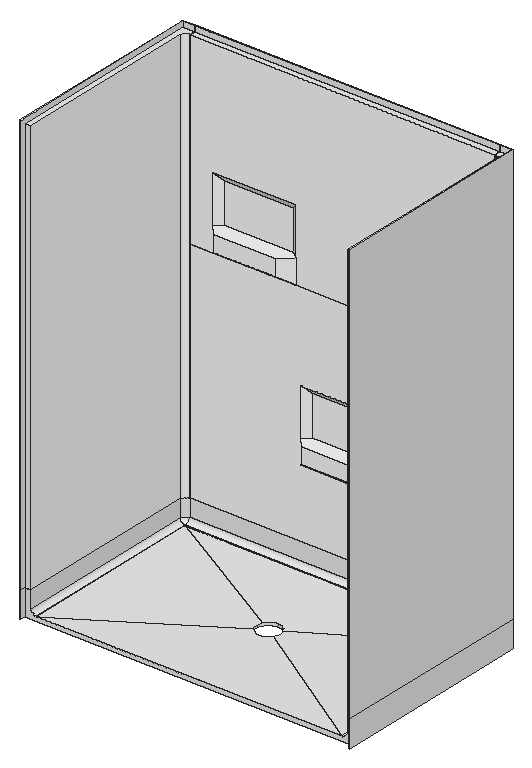
Revit family "5LES6036B75B,B2B", category Plumbing Fixtures, Revit 2014
Parameters (values of type "5LES6036B75B")
  Unit Width = 60"
  Unit Height = 81 1/4"
  URL = "http://www.best-bath.com/"
  Type Comments = "Barrier Free"
  Threshold Height = 3/4"
  Model = "5LES6036B75B"
  Material [instance] = Best Bath Gelcoat Fiberglass - 8in Tile
  Manufacturer = "Best Bath Systems, Inc."
  Keynote = "22 40 00.B3"
  Description = "8\" Tile, Beveled Threshold"
  Assembly Code = "D2010710"
Types (3): name | Unit Height | Threshold Height | Model
  (no name) | 81 1/4" | 3/4" | "5LES6036B75B"
  5LES6036B75B | 81 1/4" | 3/4" | "5LES6036B75B"
  5LES6036B2B | 82 1/2" | 2" | "5LES6036B2B"
Reference planes (in)
  plane 1: z = 0
  plane 2 "Left": x = 0
  plane 3: z = 80.25
  plane 4: z = 81.25
  plane 5: y = 0.36165
  plane 6: y = 36.36165
  plane 7: x = 60
  plane 8: y = 35.11165
  plane 9: y = 18.36165
  plane 10: x = 30
  plane 11: z = 0.375
  plane 12: z = 0.75
  plane 13: z = 46.25
  plane 14: z = 4.75
  plane 15: y = -0.63835
  plane 16: z = 21.75
  plane 17: z = 50.75
Forms (in)
  Extrusion 1, solid, material "Best Bath Gelcoat Fiberglass - Smooth"
    sketch origin (0, 0, 0) x (1, 0, 0) y (0, 1, 0)
      loop
        line (0, 0.36165) -> (60, 0.36165) -> (60, 36.36165) -> (0, 36.36165) -> (0, 0.36165)
      loop
        circle (30, 18.36165) r 2.125
    from 0 to 0.75
  Extrusion 2, solid, material "Best Bath Gelcoat Fiberglass - Smooth"
    sketch origin (0, 0, 0) x (1, 0, 0) y (0, 1, 0)
      loop
        line (2.25, 36.36165) -> (2.25, 35.11165) -> (57.75, 35.11165) -> (57.75, 36.36165) -> (2.25, 36.36165)
    from 4.75 to 46.25
  Blend 3, void
    base sketch origin (0, 0, 0) x (1, 0, 0) y (0, 1, 0)
      loop
        line (2.25, 0.36165) -> (57.75, 0.36165) -> (57.75, 34.11165) -> (2.25, 34.11165) -> (2.25, 0.36165)
    top sketch origin (0, 0, 0) x (1, 0, 0) y (0, 1, 0)
      loop
        circle (30, 18.36165) r 0.07952
    from 0.75 to 0.375
  Extrusion 4, solid, material "Best Bath Gelcoat Fiberglass - Smooth"
    sketch origin (0, 0, 0) x (1, 0, 0) y (0, 1, 0)
      loop
        line (2.25, 36.36165) -> (2.25, 35.11165) -> (57.75, 35.11165) -> (57.75, 36.36165) -> (2.25, 36.36165)
    from 46.25 to 80.25
  Extrusion 5, solid, material "Best Bath Gelcoat Fiberglass - Smooth"
    sketch origin (0.25, 0, 0) x (1, 0, 0) y (0, 1, 0)
      loop
        line (-0.25, 0.36165) -> (1, 0.36165) -> (1, 34.11165)
        arc (1, 34.11165) -> (1.29289, 34.81875) -> (2, 35.11165) r 1
        line (2, 35.11165) -> (2, 36.36165) -> (-0.25, 36.36165) -> (-0.25, 0.36165)
      loop
        line (59.75, 0.36165) -> (59.75, 36.36165) -> (57.5, 36.36165) -> (57.5, 35.11165)
        arc (57.5, 35.11165) -> (58.20711, 34.81875) -> (58.5, 34.11165) r 1
        line (58.5, 34.11165) -> (58.5, 0.36165) -> (59.75, 0.36165)
    from 4.75 to 80.25
  Extrusion 6, solid, material "Best Bath Gelcoat Fiberglass - Smooth"
    sketch origin (0, 0, 0) x (1, 0, 0) y (0, 1, 0)
      loop
        line (0, 36.36165) -> (0, 35.11165) -> (0, 0.36165) -> (1.25, 0.36165) -> (1.25, 34.11165)
        arc (1.25, 34.11165) -> (1.54289, 34.81875) -> (2.25, 35.11165) r 1
        line (2.25, 35.11165) -> (57.75, 35.11165)
        arc (57.75, 35.11165) -> (58.45711, 34.81875) -> (58.75, 34.11165) r 1
        line (58.75, 34.11165) -> (58.75, 0.36165) -> (60, 0.36165) -> (60, 35.11165) -> (60, 36.36165) -> (0, 36.36165)
    from 0 to 4.75
  Sweep 7, solid, material "Best Bath Gelcoat Fiberglass - Smooth"
    path origin (0, 0, 0) x (1, 0, 0) y (0, 1, 0)
      loop
        line (1.25, 0.36165) -> (1.25, 34.11165)
        arc (1.25, 34.11165) -> (1.54289, 34.81875) -> (2.25, 35.11165) r 1
        line (2.25, 35.11165) -> (57.75, 35.11165)
        arc (57.75, 35.11165) -> (58.45711, 34.81875) -> (58.75, 34.11165) r 1
        line (58.75, 34.11165) -> (58.75, 0.36165)
    profile origin (1.25, 17.23665, 0) x (-1, 0, 0) y (0, 0, 1)
      loop
        line (0, 0.75) -> (0, 1.65)
        arc (0, 1.65) -> (-0.2636, 1.0136) -> (-0.9, 0.75) r 0.9
        line (-0.9, 0.75) -> (0, 0.75)
  Extrusion 8, solid, material "Best Bath Gelcoat Fiberglass - Smooth"
    sketch origin (0, 0, 0) x (1, 0, 0) y (0, 1, 0)
      loop
        line (0, -0.63835) -> (0.125, -0.63835) -> (0.125, 0.36165) -> (0, 0.36165) -> (0, -0.63835)
      loop
        line (60, -0.63835) -> (60, 0.36165) -> (59.875, 0.36165) -> (59.875, -0.63835) -> (60, -0.63835)
    from 0 to 4.75
  Extrusion 9, solid, material "Best Bath Gelcoat Fiberglass - Smooth"
    sketch origin (0, 0, 0) x (1, 0, 0) y (0, 1, 0)
      loop
        line (2.25, 36.36165) -> (2.25, 36.23665) -> (57.75, 36.23665) -> (57.75, 36.36165) -> (2.25, 36.36165)
    from 80.25 to 81.25
  Extrusion 10, solid, material "Best Bath Gelcoat Fiberglass - Smooth"
    sketch origin (0, 0, 0) x (1, 0, 0) y (0, 1, 0)
      loop
        line (0.125, -0.63835) -> (0.125, 36.23665) -> (2.25, 36.23665) -> (2.25, 36.36165) -> (0, 36.36165) -> (0, -0.63835) -> (0.125, -0.63835)
      loop
        line (59.875, -0.63835) -> (60, -0.63835) -> (60, 36.36165) -> (57.75, 36.36165) -> (57.75, 36.23665) -> (59.875, 36.23665) -> (59.875, -0.63835)
    from 4.75 to 81.25
  Blend 11, solid, material "Best Bath Gelcoat Fiberglass - Smooth"
    base sketch origin (1.5, -38.5, 0) x (1, 0, 0) y (0, 0, 1)
      loop
        line (21, 21.75) -> (21, 17.25) -> (36, 17.25) -> (36, 21.75) -> (21, 21.75)
    top sketch origin (1.5, -38.5, 0) x (1, 0, 0) y (0, 0, 1)
      loop
        line (22.86979, 21.75) -> (22.86979, 18.875) -> (34.125, 18.875) -> (34.125, 21.75) -> (22.86979, 21.75)
    from -73.61165 to -71.48665
  Blend 12, solid, material "Best Bath Gelcoat Fiberglass - Smooth"
    base sketch origin (17.5, -38.5, 35) x (1, 0, 0) y (0, 0, 1)
      loop
        line (21, 15.75) -> (21, 11.25) -> (36, 11.25) -> (36, 15.75) -> (21, 15.75)
    top sketch origin (17.5, -38.5, 35) x (1, 0, 0) y (0, 0, 1)
      loop
        line (22.86979, 15.75) -> (22.86979, 12.875) -> (34.125, 12.875) -> (34.125, 15.75) -> (22.86979, 15.75)
    from -73.61165 to -71.48665
  Blend 13, solid, material "Best Bath Gelcoat Fiberglass - Smooth"
    base sketch origin (-14.5, -38.5, 35) x (1, 0, 0) y (0, 0, 1)
      loop
        line (21, 15.75) -> (21, 11.25) -> (36, 11.25) -> (36, 15.75) -> (21, 15.75)
    top sketch origin (-14.5, -38.5, 35) x (1, 0, 0) y (0, 0, 1)
      loop
        line (22.86979, 15.75) -> (22.86979, 12.875) -> (34.125, 12.875) -> (34.125, 15.75) -> (22.86979, 15.75)
    from -73.61165 to -71.48665
  Blend 14, void
    base sketch origin (1.5, -38.5, 0) x (1, 0, 0) y (0, 0, 1)
      loop
        line (21, 21.75) -> (36, 21.75) -> (36, 30.25) -> (21, 30.25) -> (21, 21.75)
    top sketch origin (1.5, -38.5, 0) x (1, 0, 0) y (0, 0, 1)
      loop
        line (22.25, 21.75) -> (34.75, 21.75) -> (34.75, 29) -> (22.25, 29) -> (22.25, 21.75)
    from -73.61165 to -74.61165
  Blend 15, void
    base sketch origin (17.5, -38.5, 35) x (1, 0, 0) y (0, 0, 1)
      loop
        line (21, 15.75) -> (36, 15.75) -> (36, 24.25) -> (21, 24.25) -> (21, 15.75)
    top sketch origin (17.5, -38.5, 35) x (1, 0, 0) y (0, 0, 1)
      loop
        line (22.25, 15.75) -> (34.75, 15.75) -> (34.75, 23) -> (22.25, 23) -> (22.25, 15.75)
    from -73.61165 to -74.61165
  Blend 16, void
    base sketch origin (-14.5, -38.5, 35) x (1, 0, 0) y (0, 0, 1)
      loop
        line (21, 15.75) -> (36, 15.75) -> (36, 24.25) -> (21, 24.25) -> (21, 15.75)
    top sketch origin (-14.5, -38.5, 35) x (1, 0, 0) y (0, 0, 1)
      loop
        line (22.25, 15.75) -> (34.75, 15.75) -> (34.75, 23) -> (22.25, 23) -> (22.25, 15.75)
    from -73.61165 to -74.61165
Cuts and joins
  Blend 3 cuts Extrusion 1
  joined: Extrusion 1, Extrusion 6, Sweep 7, Extrusion 8
  Blend 15, Blend 16 cuts Extrusion 4
  Blend 16 cuts Extrusion 9
  joined: Extrusion 4, Extrusion 9, Blend 12, Blend 13
  joined: Extrusion 5, Extrusion 10
  Blend 14, Blend 15 cuts Extrusion 2
  joined: Extrusion 2, Blend 11
Dimensions and locks (in)
  locked: plane 4 to plane 3 at 1
  "Unit Height": plane 4 to level
  equal spacing: plane 2 "Left", plane 10, plane 7
  "Unit Width": plane 2 "Left" to plane 7
  plane 6 to plane 8 = 1 1/4"
  locked: plane 6 to plane 9 at 18
  "Threshold Height": plane 12 to level
  locked: plane 12 to plane 11 at 0.375
  locked: plane 13 to plane 12 at 45.5
  plane 14 to plane 12 = 4"
  locked: plane 5 to plane 15 at 1
  locked: plane 6 to plane 15 at 37
  locked: plane 16 to plane 14 at 17
  locked: plane 17 to plane 13 at 4.5
  aligned and locked: level to plane 1
  aligned and locked: Extrusion 1 sketch curve to plane 5
  aligned and locked: Extrusion 1 sketch curve to plane 2 "Left"
  aligned and locked: plane 6 to Extrusion 1 sketch curve
  aligned and locked: Extrusion 1 sketch curve to plane 7
  aligned and locked: plane 10 to Extrusion 1 sketch curve
  aligned and locked: plane 9 to Extrusion 1 sketch curve
  aligned and locked: plane 12 to Extrusion 1
  aligned and locked: plane 9 to Blend 3 sketch curve
  aligned and locked: plane 10 to Blend 3 sketch curve
  aligned and locked: Extrusion 1 to Blend 3
  aligned and locked: Blend 3 to plane 11
  aligned and locked: plane 13 to Extrusion 2
  aligned and locked: Extrusion 4 to Extrusion 2
  aligned and locked: plane 3 to Extrusion 4
  aligned and locked: plane 3 to Extrusion 5
  aligned and locked: Extrusion 5 to Extrusion 6
  aligned and locked: plane 14 to cut or joined group of Extrusion 1, Blend 3, Extrusion 6, Sweep 7, Extrusion 8
  aligned and locked: Sweep 7 sketch curve to plane 12
  aligned and locked: Extrusion 8 to Extrusion 2
  aligned and locked: Extrusion 9 to plane 3
  aligned and locked: plane 4 to Extrusion 9
  aligned and locked: plane 4 to Extrusion 10
  aligned and locked: Extrusion 10 to Extrusion 2
  aligned and locked: cut or joined group of Extrusion 5, Extrusion 10 to plane 14
  aligned and locked: Extrusion 2 to plane 14
  aligned and locked: plane 17 to Blend 12
  aligned and locked: plane 16 to Blend 11
  aligned and locked: plane 17 to Blend 13
  aligned and locked: Blend 15 to plane 17
Automatic sketch dimensions
  Blend 3 sketch curve to plane 5 = 0"
  Blend 3 sketch curve to plane 8 = 1"
  plane 2 "Left" to Blend 3 sketch curve = 2 1/4"
  plane 7 to Blend 3 sketch curve = 2 1/4"
  Extrusion 6 sketch curve to plane 2 "Left" = 0"
  Extrusion 6 sketch curve to plane 5 = 0"  (x2)
  Extrusion 6 sketch curve to plane 8 = 0"  (x3)
  Extrusion 6 sketch curve to plane 7 = 0"
  Extrusion 6 sketch curve to plane 6 = 0"
  plane 2 "Left" to Extrusion 6 sketch curve = 1 1/4"
  Extrusion 6 sketch curve to Extrusion 6 sketch curve = 1"
  plane 7 to Extrusion 6 sketch curve = 2 1/4"
  plane 7 to Extrusion 6 sketch curve = 1 1/4"
  Sweep 7 sketch curve to plane 5 = 0"  (x2)
  Sweep 7 sketch curve to plane 8 = 0"
  plane 2 "Left" to Sweep 7 sketch curve = 1 1/4"
  Sweep 7 sketch curve to Sweep 7 sketch curve = 1"
  Sweep 7 sketch curve to plane 8 = 1"
  plane 7 to Sweep 7 sketch curve = 2 1/4"
  Sweep 7 sketch curve to profile plane = 0"
  profile plane to Sweep 7 sketch curve = 0.9"
  Extrusion 5 sketch curve to plane 2 "Left" = 0"
  Extrusion 5 sketch curve to plane 5 = 0"  (x2)
  Extrusion 5 sketch curve to plane 6 = 0"  (x2)
  Extrusion 5 sketch curve to plane 8 = 0"  (x2)
  Extrusion 5 sketch curve to plane 7 = 0"
  Extrusion 5 sketch curve to Extrusion 5 sketch curve = 1 1/4"
  Extrusion 5 sketch curve to Extrusion 5 sketch curve = 1"
  plane 7 to Extrusion 5 sketch curve = 2 1/4"
  Extrusion 5 sketch curve to plane 8 = 1"
  Extrusion 2 sketch curve to plane 8 = 0"
  Extrusion 2 sketch curve to plane 6 = 0"
  plane 2 "Left" to Extrusion 2 sketch curve = 2 1/4"
  plane 7 to Extrusion 2 sketch curve = 2 1/4"
  Extrusion 4 sketch curve to plane 8 = 0"
  Extrusion 4 sketch curve to plane 6 = 0"
  plane 2 "Left" to Extrusion 4 sketch curve = 2 1/4"
  plane 7 to Extrusion 4 sketch curve = 2 1/4"
  Extrusion 8 sketch curve to plane 2 "Left" = 0"
  Extrusion 8 sketch curve to plane 5 = 0"  (x2)
  Extrusion 8 sketch curve to plane 15 = 0"  (x2)
  Extrusion 8 sketch curve to plane 7 = 0"
  plane 2 "Left" to Extrusion 8 sketch curve = 1/8"
  plane 7 to Extrusion 8 sketch curve = 1/8"
  Extrusion 9 sketch curve to plane 6 = 0"
  plane 2 "Left" to Extrusion 9 sketch curve = 2 1/4"
  plane 7 to Extrusion 9 sketch curve = 2 1/4"
  Extrusion 9 sketch curve to plane 6 = 1/8"
  Extrusion 10 sketch curve to plane 2 "Left" = 0"
  Extrusion 10 sketch curve to plane 15 = 0"  (x2)
  Extrusion 10 sketch curve to plane 6 = 0"  (x2)
  Extrusion 10 sketch curve to plane 7 = 0"
  plane 2 "Left" to Extrusion 10 sketch curve = 1/8"
  Extrusion 10 sketch curve to plane 6 = 1/8"  (x2)
  Extrusion 10 sketch curve to Extrusion 10 sketch curve = 2 1/8"
  plane 7 to Extrusion 10 sketch curve = 2 1/4"
  plane 7 to Extrusion 10 sketch curve = 1/8"
  Blend 11 sketch curve to plane 16 = 0"  (x2)
  Blend 11 sketch curve to plane 10 = 7 1/2"
  plane 10 to Blend 11 sketch curve = 7 1/2"
  Blend 11 sketch curve to plane 16 = 4 1/2"
  Blend 11 sketch curve to plane 10 = 5.63021"
  plane 10 to Blend 11 sketch curve = 5 5/8"
  Blend 11 sketch curve to plane 16 = 2 7/8"
  Blend 12 sketch curve to plane 13 = 0"
  Blend 12 sketch curve to plane 17 = 0"  (x2)
  plane 10 to Blend 12 sketch curve = 8 1/2"
  plane 7 to Blend 12 sketch curve = 6 1/2"
  plane 13 to Blend 12 sketch curve = 1 5/8"
  plane 10 to Blend 12 sketch curve = 10.36979"
  plane 7 to Blend 12 sketch curve = 8 3/8"
  Blend 13 sketch curve to plane 13 = 0"
  Blend 13 sketch curve to plane 17 = 0"  (x2)
  plane 2 "Left" to Blend 13 sketch curve = 6 1/2"
  Blend 13 sketch curve to plane 10 = 8 1/2"
  plane 13 to Blend 13 sketch curve = 1 5/8"
  plane 2 "Left" to Blend 13 sketch curve = 8.36979"
  Blend 13 sketch curve to plane 10 = 10 3/8"
  Blend 14 sketch curve to plane 16 = 0"  (x2)
  Blend 14 sketch curve to plane 10 = 7 1/2"
  plane 10 to Blend 14 sketch curve = 7 1/2"
  plane 16 to Blend 14 sketch curve = 8 1/2"
  Blend 14 sketch curve to plane 10 = 6 1/4"
  plane 10 to Blend 14 sketch curve = 6 1/4"
  Blend 14 sketch curve to Blend 14 sketch curve = 7 1/4"
  plane 10 to Blend 15 sketch curve = 8 1/2"
  plane 7 to Blend 15 sketch curve = 6 1/2"
  plane 17 to Blend 15 sketch curve = 0"  (x2)
  Blend 15 sketch curve to Blend 15 sketch curve = 8 1/2"
  plane 10 to Blend 15 sketch curve = 9 3/4"
  plane 7 to Blend 15 sketch curve = 7 3/4"
  Blend 15 sketch curve to Blend 15 sketch curve = 7 1/4"
  Blend 16 sketch curve to plane 17 = 0"  (x2)
  plane 2 "Left" to Blend 16 sketch curve = 6 1/2"
  Blend 16 sketch curve to plane 10 = 8 1/2"
  Blend 16 sketch curve to Blend 16 sketch curve = 8 1/2"
  plane 2 "Left" to Blend 16 sketch curve = 7 3/4"
  Blend 16 sketch curve to plane 10 = 9 3/4"
  Blend 16 sketch curve to Blend 16 sketch curve = 7 1/4"
  radius of Extrusion 1 sketch curve = 2 1/8"
  radius of Blend 3 sketch curve = 0.07952"
